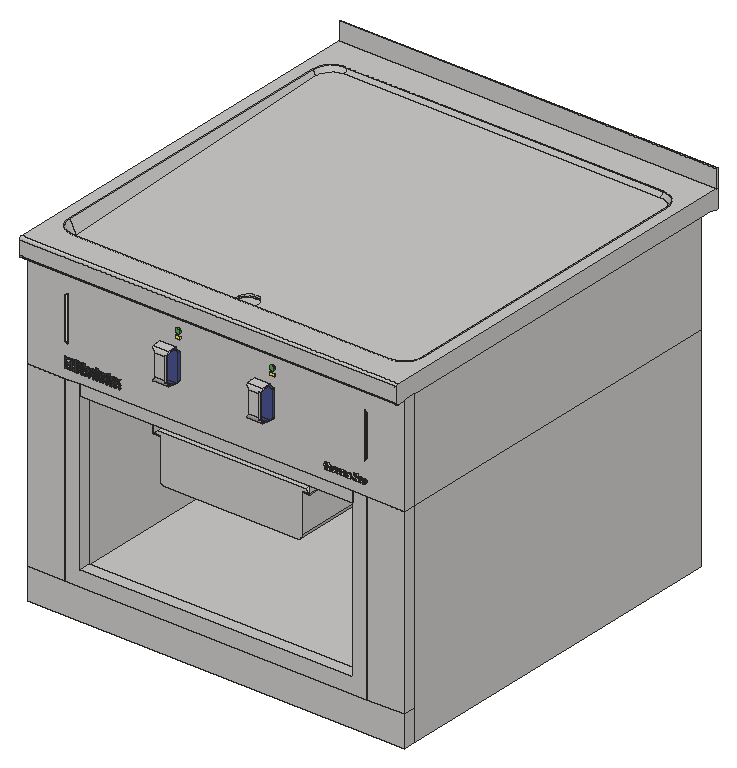
Revit family "QF_ELECTROLUXPROFESSIONAL_588666_MBHBGBHDAO", category Attrezzature speciali, Revit 2020 (continued)
Definition of nested family "Front_Panel_W800_2 Knobs_2Spie"
  Definition of nested family "ELX_Professional_Logo_Small"
    Forms (mm)
      Extrusion 2, solid, material <- "Material_Logo"
        sketch origin (15.5, 0, 0) x (1, 0, 0) y (0, 1, 0)
          loop
            line (31.054, -10.814) -> (31.539, -9.74) -> (33.38, -9.74) -> (33.865, -10.814) -> (34.965, -10.814) -> (32.46, -5.837) -> (29.956, -10.814) -> (31.054, -10.814)
          loop
            line (32.46, -7.698) -> (31.999, -8.719) -> (32.921, -8.719) -> (32.46, -7.698)
          loop
            line (40.047, -9.873) -> (40.047, -5.837) -> (39.024, -5.837) -> (39.024, -10.814) -> (41.961, -10.814) -> (41.961, -9.873) -> (40.047, -9.873)
          loop
            line (-74.986, -10.814) -> (-53.322, -10.814) -> (-53.322, 10.82) -> (-74.986, 10.82) -> (-74.986, -10.814)
          loop
            line (-61.261, 9.758) -> (-61.261, -9.707)
            arc (-61.261, -9.707) -> (-54.066, 0.025) -> (-61.261, 9.758) r 10.18
          loop
            line (-62.251, 8.349) -> (-62.251, 9.758)
            arc (-62.251, 9.758) -> (-70.347, 7.918) -> (-74.247, 0.59) r 9.976
            line (-74.247, 0.59) -> (-71.026, 0.59)
            arc (-71.026, 0.59) -> (-65.274, 2.925) -> (-62.251, 8.349) r 9.351
          loop
            arc (-74.247, -0.539) -> (-70.353, -7.928) -> (-62.251, -9.957) r 10.237
            line (-62.251, -9.957) -> (-62.251, -8.298)
            arc (-62.251, -8.298) -> (-65.274, -2.874) -> (-71.026, -0.539) r 9.351
            line (-71.026, -0.539) -> (-74.247, -0.539)
        from 0 to 1.644
    Dimensions and locks
      aligned and locked: plane 2 to Extrusion 1
      aligned and locked: level to Extrusion 1
Definition of nested family "QF_ELECTROLUXPROFESSIONAL_588643_MB1NCAHOOO"
  Parameters
    Weight in Pounds = 143.3
    URL Cutsheet = ""
    Type Mark [instance] = ""
    Specification by User [instance] = ""
    Specification by Manufacturer = ""
    Serial Number = ""
    Seismic Rating = ""
    SMACNA No = ""
    Revision Code [instance] = ""
    Default Elevation = 0 mm
    Omniclass Number and Title = ""
    NAFEM Spec ID Number = ""
    Model = "588643"
    Masterspec = ""
    Manufacturer = "Electrolux Professional"
    Item Number [instance] = ""
    Installed By [instance] = ""
    Identify Quantity as Lot [instance] = yes
    Furnished By [instance] = ""
    Foodservice Equipment Identifier [instance] = yes
    Description = ""
    CSI MasterFormat = ""
    CSI Master Format = ""
  Reference planes
    plane 1 "BACK": y = 0
    plane 2: z = 0
    plane 3 "LEFT": x = 0
    plane 4 "RIGHT": x = 800
    plane 5 "FRONT": y = -850
    plane 6 "PLAIN": z = 900
    plane 7 "Center (Left/Right)": x = 400
    plane 8 "Center (Front/Back)": y = -425
    plane 9 "TOP": z = 650
    plane 10 "BASE": z = 200
    plane 11: x = 722
    plane 12: x = 78
    plane 13 "Feet_back": y = -150
    plane 14 "Feet_Front": y = -720
    plane 15: x = 80
    plane 16: x = 720
    plane 17: z = 265
    plane 18: y = -45
    plane 19: y = -805
    plane 20: y = -70
    plane 21: y = -830
    plane 22 "ButtonZ": z = 590
  Forms (mm)
    Extrusion 1, solid
      sketch origin (0, 0, 650) x (0, 1, 0) y (0, 0, 1)
        loop
          line (-45, -450) -> (-45, 0) -> (-805, 0) -> (-805, -450) -> (-45, -450)
      from 0 to 800
    Extrusion 2, solid
      sketch origin (0, 0, 650) x (0, 1, 0) y (0, 0, 1)
        loop
          line (-830, -450) -> (-805, -450) -> (-805, -385) -> (-830, -385) -> (-830, -450)
      from 0 to 800
    Extrusion 3, void
      sketch origin (0, -850, 0) x (1, 0, 0) y (0, 0, 1)
        loop
          line (80, 650) -> (80, 265) -> (720, 265) -> (720, 650) -> (80, 650)
      from 0 to -780
    Extrusion 4, solid
      sketch origin (0, -850, 0) x (1, 0, 0) y (0, 0, 1)
        loop
          line (110, 650) -> (110, 627) -> (690, 627) -> (690, 650) -> (110, 650)
      from -20 to -805
    Extrusion 5, solid
      sketch origin (0, -850, 0) x (1, 0, 0) y (0, 0, 1)
        loop
          line (80, 650) -> (80, 265) -> (720, 265) -> (720, 650) -> (690, 650) -> (690, 295) -> (110, 295) -> (110, 650) -> (80, 650)
      from -45 to -780
    Extrusion 6, solid
      sketch origin (0, -850, 0) x (1, 0, 0) y (0, 0, 1)
        loop
          line (0, 650) -> (0, 265) -> (80, 265) -> (80, 650) -> (0, 650)
      from -20 to -45
    Extrusion 7, solid
      sketch origin (0, -850, 0) x (1, 0, 0) y (0, 0, 1)
        loop
          line (720, 650) -> (720, 265) -> (800, 265) -> (800, 650) -> (720, 650)
      from -20 to -45
    Extrusion 8, solid
      sketch origin (85, -850, 0) x (1, 0, 0) y (0, 0, 1)
        loop
          line (-5, 650) -> (-5, 265) -> (635, 265) -> (635, 650) -> (605, 650) -> (605, 297) -> (25, 297) -> (25, 650) -> (-5, 650)
      from -20 to -45
  Cuts and joins
    Extrusion 3 cuts Extrusion 1
    joined: Extrusion 1, Extrusion 4, Extrusion 5
  Lines and regions (mm)
    symbolic lines
      curve 1: line (0, 0, 0) -> (800, 0, 0)
      curve 2: line (0, -850, 0) -> (0, 0, 0)
      curve 3: line (800, -850, 0) -> (0, -850, 0)
      curve 4: line (800, 0, 0) -> (800, -850, 0)
  Dimensions and locks
    plane 3 "LEFT" to plane 4 "RIGHT" = 800 mm
    plane 5 "FRONT" to plane 1 "BACK" = 850 mm
    equal spacing: plane 3 "LEFT", plane 7 "Center (Left/Right)", plane 4 "RIGHT"
    equal spacing: plane 5 "FRONT", plane 8 "Center (Front/Back)", plane 1 "BACK"
    plane 6 "PLAIN" to plane 9 "TOP" = 250 mm
    plane 10 "BASE" to level = 200 mm
    plane 9 "TOP" to plane 10 "BASE" = 450 mm
    locked: plane 1 "BACK" to plane 13 "Feet_back" at 150
    locked: plane 14 "Feet_Front" to plane 5 "FRONT" at 130
    locked: plane 12 to plane 3 "LEFT" at 78
    locked: plane 11 to plane 4 "RIGHT" at 78
    plane 16 to plane 15 = 640 mm
    equal spacing: plane 16, plane 7 "Center (Left/Right)", plane 15
    locked: plane 17 to plane 10 "BASE" at 65
    locked: plane 1 "BACK" to plane 18 at 45
    plane 9 "TOP" to Extrusion 4 sketch curve = 23 mm
    locked: Extrusion 4 sketch curve to plane 15 at 30
    locked: plane 16 to Extrusion 4 sketch curve at 30
    locked: Extrusion 5 sketch curve to plane 17 at 30
    plane 6 "PLAIN" to level = 900 mm
    Extrusion 5 to Extrusion 5 = 580 mm
    locked: plane 18 to plane 20 at 25
    locked: plane 21 to plane 5 "FRONT" at 20
    locked: plane 19 to plane 21 at 25
    plane 18 to plane 21 = 785 mm
    plane 22 "ButtonZ" to level = 590 mm
    aligned and locked: level to plane 2
    aligned and locked: Extrusion 1 to plane 4 "RIGHT"
    aligned and locked: Extrusion 1 to plane 3 "LEFT"
    aligned and locked: Extrusion 2 to plane 4 "RIGHT"
    aligned and locked: plane 9 "TOP" to Extrusion 3 sketch curve
    aligned and locked: Extrusion 3 sketch curve to plane 15
    aligned and locked: plane 16 to Extrusion 3 sketch curve
    aligned and locked: Extrusion 2 to plane 10 "BASE"
    aligned and locked: Extrusion 2 to plane 17
    aligned and locked: plane 17 to Extrusion 3 sketch curve
    aligned and locked: Extrusion 4 to plane 18
    aligned and locked: Extrusion 5 sketch curve to plane 15
    aligned and locked: plane 16 to Extrusion 5 sketch curve
    aligned and locked: plane 9 "TOP" to Extrusion 5 sketch curve  (x2)
    aligned and locked: plane 17 to Extrusion 5 sketch curve
    aligned and locked: Extrusion 5 sketch curve to Extrusion 4  (x2)
    aligned and locked: Extrusion 6 sketch curve to plane 9 "TOP"
    aligned and locked: plane 3 "LEFT" to Extrusion 6 sketch curve
    aligned and locked: Extrusion 6 sketch curve to plane 17
    aligned and locked: Extrusion 6 sketch curve to plane 15
    aligned and locked: Extrusion 7 sketch curve to plane 9 "TOP"
    aligned and locked: plane 16 to Extrusion 7 sketch curve
    aligned and locked: Extrusion 7 sketch curve to plane 17
    aligned and locked: plane 4 "RIGHT" to Extrusion 7 sketch curve
    aligned and locked: Extrusion 5 to plane 20
    aligned and locked: cut or joined group of Extrusion 1, Extrusion 3, Extrusion 4, Extrusion 5 to plane 20
    aligned and locked: cut or joined group of Extrusion 1, Extrusion 3, Extrusion 4, Extrusion 5 to plane 18
    aligned and locked: Extrusion 6 to plane 19
    aligned and locked: plane 21 to Extrusion 6
    aligned and locked: plane 21 to Extrusion 7
    aligned and locked: Extrusion 7 to plane 19
    aligned and locked: Extrusion 2 to plane 19
    aligned and locked: plane 21 to Extrusion 2
    aligned and locked: plane 19 to cut or joined group of Extrusion 1, Extrusion 3, Extrusion 4, Extrusion 5
    aligned and locked: Extrusion 8 sketch curve to plane 16
    aligned and locked: plane 15 to Extrusion 8 sketch curve
    aligned and locked: Extrusion 8 sketch curve to plane 17
    aligned and locked: plane 21 to cut or joined group of Extrusion 1, Extrusion 3, Extrusion 4, Extrusion 5
  Automatic sketch dimensions
    curve 3 to plane 3 "LEFT" = 0 mm
    curve 3 to plane 4 "RIGHT" = 0 mm
    plane 5 "FRONT" to curve 3 = 0 mm
    plane 1 "BACK" to curve 2 = 0 mm
    Extrusion 1 sketch curve to plane 10 "BASE" = 0 mm
    plane 19 to Extrusion 1 sketch curve = 0 mm
    Extrusion 1 sketch curve to plane 18 = 0 mm
    Extrusion 1 sketch curve to plane 9 "TOP" = 0 mm
    plane 17 to Extrusion 2 sketch curve = 0 mm
    Extrusion 2 sketch curve to plane 21 = 0 mm
    Extrusion 2 sketch curve to plane 10 "BASE" = 0 mm
    Extrusion 2 sketch curve to plane 19 = 0 mm
    Extrusion 4 sketch curve to plane 9 "TOP" = 0 mm
    Extrusion 8 sketch curve to plane 9 "TOP" = 0 mm  (x2)
    plane 15 to Extrusion 8 sketch curve = 30 mm
    Extrusion 8 sketch curve to plane 16 = 30 mm
    Extrusion 8 sketch curve to plane 17 = 32 mm
